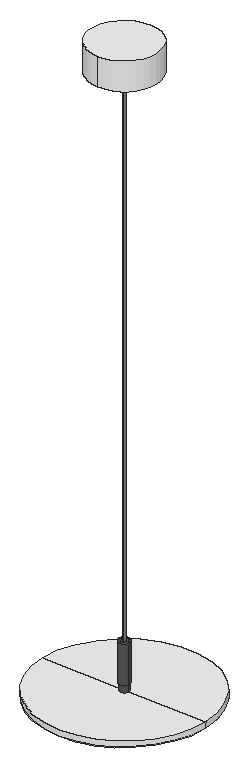
Revit family "Haworth_Circa_Pendant", category Lighting Fixtures, host Ceiling, Revit 2018
Family settings
  Host = Ceiling
  Round Connector Dimension = Use Diameter
  Part Type = Normal
  OmniClass Number = 23.80.70.11
  OmniClass Title = Luminaries for Internal Lighting
  Always vertical = Yes
  Cut with Voids When Loaded = No
  Light Source = Yes
  Shared = No
  Room Calculation Point = No
Parameters (values of type "LRP1-1210 - Small")
  Tilt Angle = 60.00°
  Small = not(Large)  # yes
  Photometric Web File = "generic"
  built-in parameter 1150142 = (empty or 0)
  Large = no
  Lamps Width = if(Large, 1' 4", 1' 0")  # 1' - 0"
  Wattage = 10.5 W
  Warranty = "http://www.haworth.com/resources/product-info/warranties"
  built-in parameter 1150110 = 1 (stored number, unit not read)
  URL - Product = "https://www.haworth.com/products/lighting/table/circa"
  URL = "http://www.haworth.com/our-brands/haworth-collection"
  Trim Finish [instance] = Haworth _ Paint _ Collection White
  built-in parameter 1114217 = 1 (stored number, unit not read)
  built-in parameter 1150109 = 1 (stored number, unit not read)
  built-in parameter 1150134 = (empty or 0)
  built-in parameter 1150113 = 1 (stored number, unit not read)
  Size = "Verify Final Dim. w/ Haworth"  # constant formula
  Revision Number = "1"  # constant formula
  Model = "LRP1"  # constant formula
  Min. Cords Length = 0' - 6"  # constant formula
  Max. Cords Length = 10' - 0"  # constant formula
  Manufacturer = "Haworth"  # constant formula
  Lumens = 546 lm
  built-in parameter 1150115 = 1 (stored number, unit not read)
  built-in parameter 1150105 = 43.449 (stored number, unit not read)
  built-in parameter 1150137 = (empty or 0)
  built-in parameter 1150139 = (empty or 0)
  Lamps Depth = Lamps Width  # 1' - 0"
  built-in parameter 1150112 = 1 (stored number, unit not read)
  built-in parameter 1150114 = 1 (stored number, unit not read)
  built-in parameter 1150132 = (empty or 0)
  built-in parameter 1150102 = (empty or 0)
  built-in parameter 1150138 = (empty or 0)
  built-in parameter 1150107 = 2700 (stored number, unit not read)
  built-in parameter 1150106 = 0.43449 (stored number, unit not read)
  Glass Finish = Haworth _ Glass _ Frosted
  Emit from Circle Diameter = 1' - 6"
  Emit Shape Visible in Rendering = no
  built-in parameter 1150104 = 4.831 (stored number, unit not read)
  Dimming Lamp Color Temperature Shift = <None>
  Description = "Haworth Circa Pendant Light - Small"
  Lamps Radius = Lamps Width / 2  # 0' - 6"
  Cords Finish = Haworth _ Metal _ Satin Aluminum_Grey-Cord TR-E05
  Color Filter = 16777215
  built-in parameter 1140040 [instance] = 1
  Cable Length [instance] = 3' - 1 1/2"
  built-in parameter 1114218 = 1 (stored number, unit not read)
  Author = "Haworth (Alias)"  # constant formula
  built-in parameter 1150133 = 10 (stored number, unit not read)
  Assembly Code = "D5020200"
  Apparent Load = 0 VA
  Actual Cable Length [instance] = if(Cable Length > Max. Cords Length, Max. Cords Length, if(Cable Length < Min. Cords Length, Min. Cords Length, Cable Length))  # 3' - 1 1/2"
Types (3): name | Tilt Angle | Small | Large | Lamps Width | Lamps Depth | Description | Lamps Radius
  (no name) | 60.00° | yes | no | 1' - 0" | 1' - 0" | "Haworth Circa Pendant Light - Small" | 0' - 6"
  LRP1-1610 - Large | 90.00° | no | yes | 1' - 4" | 1' - 4" | "Haworth - Circa Pendant Light Large" | 0' - 8"
  LRP1-1210 - Small | 60.00° | yes | no | 1' - 0" | 1' - 0" | "Haworth Circa Pendant Light - Small" | 0' - 6"
Reference planes (in)
  plane 1 "Light Source Axis (F/B)": y = 0
  plane 2 "Ceiling": z = 120
  plane 3 "Light Source Axis (L/R)": x = 0
  plane 4 "Light Source Elevation": z = 76.50276
  plane 5 "Back": y = 6
  plane 6 "Front": y = -6
  plane 7 "Left": x = -6
  plane 8 "Right": x = 6
  plane 9 "Bottom Bracket": z = 118
  plane 10 "Bottom Lamps": z = 76.70276
  plane 11 "Bottom Cords": z = 80.5
  plane 12 "Bearing": z = 77.70276
  plane 13: x = -0.375
  plane 14 "Inside Lamp Right": x = 0.37651
  plane 15 "Top Lamps": z = 77.20276
Forms (in)
  Extrusion 1, solid, material "Haworth _ Paint _ Collection White"
    sketch origin (0, 0, 76.50276) x (0, -1, 0) y (1, 0, 0)
      loop
        circle (0, 0) r 2.4
    from 41.49724 to 43.49724
  Extrusion 2, solid, material "Haworth _ Metal _ Satin Aluminum_Grey-Cord TR-E05" <- "Cords Finish"
    sketch origin (0, 0, 76.70276) x (0, -1, 0) y (1, 0, 0)
      loop
        circle (0, 0) r 0.07813
    from 3.79724 to 41.29724
  Revolve 3, solid, material "Haworth _ Paint _ Collection Black"
    sketch origin (0, 0, 0) x (1, 0, 0) y (0, 0, 1)
      loop
        line (0, 80.5) -> (0, 76.82264)
        arc (0, 76.82264) -> (0.22284, 76.91495) -> (0.31514, 77.13779) r 0.31514
        line (0.31514, 77.13779) -> (0.31514, 77.70276) -> (0.37651, 77.70276) -> (0.37651, 80.4375)
        arc (0.37651, 80.4375) -> (0.35821, 80.48169) -> (0.31401, 80.5) r 0.0625
        line (0.31401, 80.5) -> (0, 80.5)
      axis (0, 80.5) -> (0, 76.82264)
    angle from 0 to 360
  Revolve 4, solid, material "Haworth _ Glass _ Frosted" <- "Glass Finish"
    sketch origin (0, 0, 0) x (1, 0, 0) y (0, 0, 1)
      loop
        line (6, 76.70276) -> (6, 76.82776) -> (2, 76.82776) -> (2, 76.70276) -> (6, 76.70276)
      axis (0, 76.82776) -> (0, 76.70276)
    angle from 0 to 360
  Revolve 5, solid, material "Haworth _ Paint _ Collection White" <- "Trim Finish"
    sketch origin (0, 0, 0) x (1, 0, 0) y (0, 0, 1)
      loop
        line (0, 77.20276) -> (0, 76.70276) -> (2, 76.70276) -> (2, 76.82776) -> (6, 76.82776) -> (6, 77.20276) -> (0, 77.20276)
      axis (0, 77.20276) -> (0, 76.70276)
    angle from 0 to 360
Lines and regions (in)
  Masking region 1
    outline origin (0, 0, 76.50276) x (0, -1, 0) y (1, 0, 0)
      loop
        circle (0, 0) r 6
Dimensions and locks (in)
  equal spacing: host sketch curve, plane 3 "Light Source Axis (L/R)", host sketch curve
  equal spacing: host sketch curve, plane 1 "Light Source Axis (F/B)", host sketch curve
  host sketch curve to host sketch curve = 10' - 0"  (x2)
  locked: plane 2 "Ceiling" to plane 9 "Bottom Bracket" at 2
  equal spacing: plane 7 "Left", plane 3 "Light Source Axis (L/R)", plane 8 "Right"  (x2)
  locked: plane 10 "Bottom Lamps" to plane 4 "Light Source Elevation" at 0.2
  equal spacing: plane 5 "Back", plane 1 "Light Source Axis (F/B)", plane 6 "Front"
  "Actual Cable Length": plane 9 "Bottom Bracket" to plane 11 "Bottom Cords"
  "Lamps Width": plane 7 "Left" to plane 8 "Right"
  "Lamps Depth": plane 5 "Back" to plane 6 "Front"
  locked: plane 11 "Bottom Cords" to plane 12 "Bearing" at 2.79724
  locked: plane 12 "Bearing" to plane 10 "Bottom Lamps" at 1
  locked: plane 15 "Top Lamps" to plane 10 "Bottom Lamps" at 0.5
  locked: Revolve 4 sketch curve to Revolve 4 sketch curve at 0.125
  locked: plane 3 "Light Source Axis (L/R)" to Revolve 5 sketch curve at 2
  locked: plane 3 "Light Source Axis (L/R)" to Revolve 4 sketch curve at 2
  locked: Revolve 5 sketch curve to Revolve 5 sketch curve at 0.375
  locked: plane 14 "Inside Lamp Right" to plane 3 "Light Source Axis (L/R)" at 0.37651
  locked: plane 3 "Light Source Axis (L/R)" to plane 13 at 0.375
  radius of Extrusion 1 sketch curve = 0' - 2.4"
  "Lamps Radius": radius of Masking region 1 sketch curve
  aligned and locked: plane 3 "Light Source Axis (L/R)" to imposter light
  aligned and locked: plane 1 "Light Source Axis (F/B)" to imposter light
  aligned and locked: plane 4 "Light Source Elevation" to imposter light
  aligned and locked: plane 2 "Ceiling" to host ceiling
  aligned and locked: plane 2 "Ceiling" to Extrusion 1
  aligned and locked: plane 9 "Bottom Bracket" to Extrusion 1
  aligned and locked: plane 3 "Light Source Axis (L/R)" to Masking region 1 sketch curve
  aligned and locked: plane 1 "Light Source Axis (F/B)" to Masking region 1 sketch curve
  aligned and locked: Extrusion 2 to plane 9 "Bottom Bracket"
  aligned and locked: plane 11 "Bottom Cords" to Extrusion 2
  aligned and locked: plane 3 "Light Source Axis (L/R)" to Extrusion 1 sketch curve
  aligned and locked: plane 1 "Light Source Axis (F/B)" to Extrusion 1 sketch curve
  aligned and locked: plane 3 "Light Source Axis (L/R)" to Revolve 3 sketch curve
  aligned and locked: Revolve 3 sketch curve to plane 14 "Inside Lamp Right"
  aligned and locked: plane 11 "Bottom Cords" to Revolve 3 sketch curve
  aligned and locked: Revolve 3 sketch curve to plane 3 "Light Source Axis (L/R)"
  aligned and locked: Revolve 3 sketch curve to plane 12 "Bearing"
  aligned and locked: plane 10 "Bottom Lamps" to Revolve 4 sketch curve
  aligned and locked: Revolve 5 sketch curve to plane 8 "Right"
  aligned and locked: Revolve 5 sketch curve to plane 10 "Bottom Lamps"
  aligned and locked: plane 3 "Light Source Axis (L/R)" to Revolve 5 sketch curve
  aligned and locked: Revolve 5 sketch curve to plane 3 "Light Source Axis (L/R)"
  aligned and locked: plane 1 "Light Source Axis (F/B)" to Extrusion 2 sketch curve
  aligned and locked: plane 3 "Light Source Axis (L/R)" to Extrusion 2 sketch curve
  aligned and locked: plane 15 "Top Lamps" to Revolve 5
Automatic sketch dimensions
  Revolve 3 sketch curve to plane 14 "Inside Lamp Right" = 0' - 0 1/16"
  Revolve 3 sketch curve to plane 14 "Inside Lamp Right" = 0' - 0.06137"
  Revolve 3 sketch curve to plane 15 "Top Lamps" = 0' - 0.06497"
  plane 4 "Light Source Elevation" to Revolve 3 sketch curve = 0' - 0.10941"
  Revolve 3 sketch curve to plane 11 "Bottom Cords" = 0' - 2 1/2"
  Revolve 4 sketch curve to plane 3 "Light Source Axis (L/R)" = 0' - 0"
  Revolve 4 sketch curve to plane 8 "Right" = 0' - 0"
  plane 4 "Light Source Elevation" to Revolve 4 sketch curve = 0' - 5.74591"
  Revolve 4 sketch curve to plane 11 "Bottom Cords" = 0' - 4.25685"
  plane 4 "Light Source Elevation" to Revolve 5 sketch curve = 0' - 2.3"
  Revolve 5 sketch curve to plane 11 "Bottom Cords" = 0' - 1.70276"
  plane 15 "Top Lamps" to Revolve 5 sketch curve = 0' - 0"
  radius of Extrusion 2 sketch curve = 0' - 0 5/64"
Connectors (in)
  electrical at (0, 0, 120), driven by "Apparent Load"
    settings: on Extrusion 1, index 1, voltage 120 V, apparent load 0 VA, apparent load phase1 0 VA, apparent load phase2 0 VA, apparent load phase3 0 VA, power factor 1, load classification "Other", number of poles 1, system type 31, power factor state 1, is connector primary yes, connector utility no, sub classification motor no, connector description ""
